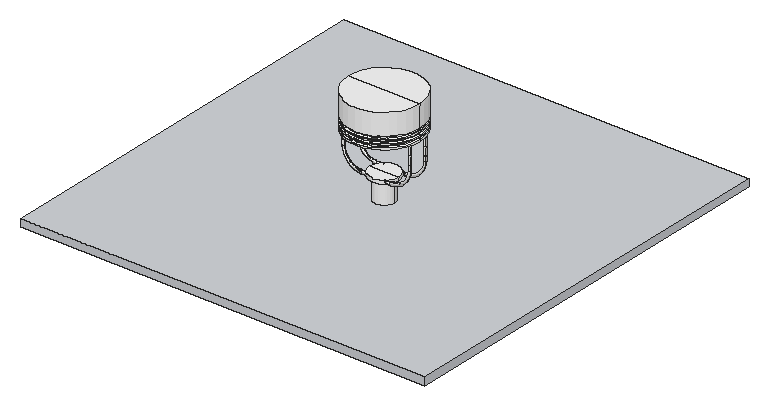
Revit family "CC_FM", category Lighting Fixtures, host Face, Revit 2021
Family settings
  Host = Face
  Round Connector Dimension = Use Diameter
  Part Type = Normal
  OmniClass Number = 23.80.70.11.14.17
  OmniClass Title = Direct/Indirect
  Cut with Voids When Loaded = No
  Light Source = No
  Shared = Yes
  Room Calculation Point = No
Parameters (values of type "CC-FM")
  White = Paint -Matte White
  Watts = 24 W
  Wattage Comments = "24"
  Warranty = "5 years Warranty"  # constant formula
  Voltage = 120 V
  URL = "https://www.currentlighting.com/kimlighting"
  Product Link = ""
  Product Documentation Link = ""
  Power Factor = 1
  Model = "Curvilinear Cutoff"  # constant formula
  Manufacturer = "KIM Lighting"  # constant formula
  Load Classification = Lighting
  Lamp = "LED"
  Housing Material = Paint - Textured Camera Black
  Height = 5"
  Gold = Gold
  Glass = Glass
  Fixture distribution = "Direct"  # constant formula
  Features = "• TIR Optics\r\n• Available in 595nm, 3000K, 4000K and 5000K standard CCT\r\n• Type 1, 2, 3, 4, 4W, 5QM, 5QN, 5R, 5W distributions\r\n• 0 - 10V dimming drivers standard\r\n• IP66 optic assembly"  # constant formula
  Description = "Sharp Cutoff and Visual Uniformity. The classic cylindrical design of the Curvilinear luminaire features a simple geometric shape for architectural relevance and is ideal for retail outlets or automotive dealerships. The luminaire family is designed for performance, providing energy efficiency, and glare control, all manufactured to Kim Lightings high standards for quality."  # constant formula
  Default Elevation = 48"
  Copyright = "© Kim Lighting"  # constant formula
  Contact = ""
  Connector Description = "Lighting Connector"  # constant formula
  Assembly Code = "D5020200"
  Apparent Load = Watts / Power Factor  # 24 VA
Reference planes (in)
  plane 1 "Center (Front/Back)": y = 0
  plane 2: z = 0.5561
  plane 3 "Center (Left/Right)": x = 0
  plane 4: z = 5.5561
Forms (in)
  Extrusion 1, solid
    sketch origin (0, 0, 0) x (1, 0, 0) y (0, 1, 0)
      loop
        line (-48, 48) -> (-48, -48) -> (48, -48) -> (48, 48) -> (-48, 48)
    from 0.5561 to -1.25
  Extrusion 2, solid, material "Paint -Matte White" <- "White"
    sketch origin (0, 0, 0) x (1, 0, 0) y (0, 1, 0)
      loop
        circle (0, 0) r 2.375
    from 0.5561 to 5.5561
Dimensions and locks (in)
  "Height": plane 4 to Extrusion 1
  aligned and locked: plane 2 to Extrusion 1
  aligned and locked: Extrusion 2 to plane 2
  aligned and locked: plane 4 to Extrusion 2
Automatic sketch dimensions
  Extrusion 1 sketch curve to Extrusion 1 sketch curve = 96"  (x2)
  plane 1 "Center (Front/Back)" to Extrusion 2 sketch curve = 0"
  Extrusion 2 sketch curve to plane 3 "Center (Left/Right)" = 0"
  radius of Extrusion 2 sketch curve = 2 3/8"
Nested families (in)
  nested 1: "CC_Arm_Base" at (0, 0, 5.5561), type "LTV767NF/6L3KUV/NB"
Connectors (in)
  electrical at (0, 0, 0.5561), driven by "Voltage", driven by "Apparent Load", driven by "Power Factor", driven by "Connector Description"
    settings: on Extrusion 2, index 1, voltage 120 V, apparent load 24 VA, apparent load phase1 0 VA, apparent load phase2 0 VA, apparent load phase3 0 VA, power factor 1, load classification "Other", number of poles 1, system type 30, power factor state 1, is connector primary yes, connector utility no, sub classification motor no, connector description "Lighting Connector"
Definition of nested family "CC_Arm_Base"
  Parameters
    White Surface = none
    Wattage Comments = "11W"
    Wattage = 28 W
    built-in parameter 1150110 = 1 (stored number, unit not read)
    Voltage = "120 to 277V"
    URL = "https://www.hubbell.com/hubbelllightingci/en/"
    Type Comments = "Lighting Fixture"  # constant formula
    built-in parameter 1114217 = 1 (stored number, unit not read)
    Tilt Angle = 45.00°
    built-in parameter 1150109 = 1 (stored number, unit not read)
    built-in parameter 1150134 = 3
    built-in parameter 1150113 = 1 (stored number, unit not read)
    Specification = "Energy efficient LED models\r\nBrass or aluminum housing for durability\r\nHex cell louver and prismatic spread lens options"  # constant formula
    Series = "In-grade/ Landscape "  # constant formula
    Product Page = "https://www.hubbell.com/hubbelllightingci/en/Products/Lighting-Controls/Commercial-Outdoor-Lighting/In-Grade/In-Grade-Minivault/p/248531"
    Power Factor = 1  # constant formula
    Photometric Web File = "CC17x2-36L-225-3K7-2.ies"
    OmniClass Title = "Buried Uplights"  # constant formula
    OmniClass Number = "23-80 70 14 11 21"  # constant formula
    Number of Poles = 1
    Note Visible = yes
    Note Text = "LF"  # constant formula
    Model = "LTV767NF/6L3KUV/NB"  # constant formula
    Manufacturer = "KIM Lighting"  # constant formula
    built-in parameter 1150105 = 270.05 (stored number, unit not read)
    Lumens = 3393.6 lm
    built-in parameter 1150115 = 1 (stored number, unit not read)
    built-in parameter 1150137 = (empty or 0)
    built-in parameter 1150139 = (empty or 0)
    Lens Ring Material = none
    built-in parameter 1150112 = 1 (stored number, unit not read)
    built-in parameter 1150114 = 1 (stored number, unit not read)
    Lamp = "LED"
    LED = none
    built-in parameter 1150132 = (empty or 0)
    built-in parameter 1150102 = (empty or 0)
    built-in parameter 1150107 = 3200 (stored number, unit not read)
    built-in parameter 1150138 = (empty or 0)
    built-in parameter 1150106 = 2.7005 (stored number, unit not read)
    Emit from Circle Diameter = 15"
    Emit Shape Visible in Rendering = no
    Diameter = 7 1/4"
    Contact us = "https://www.hubbell.com/hubbelllightingci/en/contactUs?productId=248531"
    Composite Housing material = none
    Glass Material = none
    Full Load Current = 11 A
    Frequency = 60 Hz
    Finish = "Cast Bronze, Natural Finish"  # constant formula
    built-in parameter 1150104 = 11.26 (stored number, unit not read)
    Dimming Lamp Color Temperature Shift = (empty or 0)
    Description = "Minivault incorporates more than 50 years of in-grade experience into every luminaire. A commitment to produce the most durable product possible is the core of the series, which now includes new low wattage pulse start metal halide lamps and LEDs expanding into residential applications."  # constant formula
    Default Elevation = 0"
    Color Filter = 16777215
    built-in parameter 1114218 = 1 (stored number, unit not read)
    built-in parameter 1150133 = 10 (stored number, unit not read)
    Assembly Code = "D5020200"
    Apparent Load = 11 VA
  Reference planes (in)
    plane 1 "Center (Front/Back)": y = 0
    plane 2: z = 0
    plane 3 "Center (Left/Right)": x = 0
    plane 4: x = -8.5
    plane 5: x = 8.5
    plane 6: y = 8.5
    plane 7: y = -8.5
    plane 8: z = 21.88
  Forms (in)
    Extrusion 1, solid
      sketch origin (0, 0, 0) x (1, 0, 0) y (0, 1, 0)
        loop
          line (-48, 48) -> (-48, -48) -> (48, -48) -> (48, 48) -> (-48, 48)
      from 0 to -1.39695
    Revolve 2, solid, material <- "White Surface"
      sketch origin (0, 0, 18.09357) x (1, 0, 0) y (0, 0, 1)
        loop
          line (7.87949, -8) -> (8.5, -8) -> (8.5, -7.625) -> (8.12949, -7.41108) -> (8.12949, -7.15142) -> (8.5, -6.9375) -> (8.5, -6.6875) -> (8.12949, -6.47358) -> (8.12949, -6.21392) -> (8.5, -6) -> (8.5, -5.75) -> (8.12949, -5.53608) -> (8.12949, -5.27642) -> (8.5, -5.0625) -> (8.5, 0) -> (0, 0) -> (0, -7.41108) -> (7.87949, -7.41108) -> (7.87949, -8)
        axis (0, -8) -> (0, 0)
      angle from 0 to 360
    Extrusion 3, solid, material <- "LED"
      sketch origin (0, 0, 18.09357) x (0, -1, 0) y (1, 0, 0)
        loop
          circle (-0.60445, 0) r 0.16569
        loop
          circle (0, 0.60445) r 0.16569
        loop
          circle (0.60445, 0) r 0.16569
        loop
          circle (0, -0.60445) r 0.16569
        loop
          circle (-1.35445, 0) r 0.16569
        loop
          circle (-2.10445, 0) r 0.16569
        loop
          circle (-2.85445, 0) r 0.16569
        loop
          circle (-3.60445, 0) r 0.16569
        loop
          circle (-0.95774, 0.95774) r 0.16569
        loop
          circle (0, 1.35445) r 0.16569
        loop
          circle (0.95774, 0.95774) r 0.16569
        loop
          circle (1.35445, 0) r 0.16569
        loop
          circle (0.95774, -0.95774) r 0.16569
        loop
          circle (0, -1.35445) r 0.16569
        loop
          circle (-0.95774, -0.95774) r 0.16569
        loop
          circle (-1.48807, 1.48807) r 0.16569
        loop
          circle (0, 2.10445) r 0.16569
        loop
          circle (1.48807, 1.48807) r 0.16569
        loop
          circle (2.10445, 0) r 0.16569
        loop
          circle (1.48807, -1.48807) r 0.16569
        loop
          circle (0, -2.10445) r 0.16569
        loop
          circle (-1.48807, -1.48807) r 0.16569
        loop
          circle (-2.0184, 2.0184) r 0.16569
        loop
          circle (-2.54873, 2.54873) r 0.16569
        loop
          circle (0, 2.85445) r 0.16569
        loop
          circle (0, 3.60445) r 0.16569
        loop
          circle (2.0184, 2.0184) r 0.16569
        loop
          circle (2.54873, 2.54873) r 0.16569
        loop
          circle (2.85445, 0) r 0.16569
        loop
          circle (3.60445, 0) r 0.16569
        loop
          circle (2.0184, -2.0184) r 0.16569
        loop
          circle (2.54873, -2.54873) r 0.16569
        loop
          circle (0, -2.85445) r 0.16569
        loop
          circle (0, -3.60445) r 0.16569
        loop
          circle (-2.0184, -2.0184) r 0.16569
        loop
          circle (-2.54873, -2.54873) r 0.16569
      from -7.87223 to -7.625
    Extrusion 4, solid, material <- "Glass Material"
      sketch origin (0, 0, 18.09357) x (0, -1, 0) y (1, 0, 0)
        loop
          circle (0, 0) r 7.87949
      from -8 to -7.87223
    Revolve 5, solid, material <- "White Surface"
      sketch origin (0, 0, -3.75) x (1, 0, 0) y (0, 0, 1)
        loop
          line (0, 3.75) -> (3.375, 3.75) -> (3.375, 4.5) -> (0, 4.5) -> (0, 3.75)
        axis (0, 4.5) -> (0, 3.75)
      angle from 0 to 360
    Sweep 6, solid, material <- "White Surface"
      path origin (0, 0, -3.75) x (1, 0, 0) y (0, 0, 1)
        loop
          line (7.87949, 13.84357) -> (7.87949, 11.84357) -> (7.87949, 9.84357) -> (7.87949, 8.62757)
          arc (7.87949, 8.62757) -> (6.56147, 5.44559) -> (3.37949, 4.12757) r 4.5
          line (3.37949, 4.12757) -> (1.97885, 4.12757)
      profile origin (7.87949, 0, 9.09357) x (0, -1, 0) y (1, 0, 0)
        loop
          circle (2.25, 0) r 0.25
    Sweep 7, solid, material <- "White Surface"
      path origin (0, 0, -3.75) x (1, 0, 0) y (0, 0, -1)
        loop
          line (7.87949, -13.84357) -> (7.87949, -11.84357) -> (7.87949, -9.84357) -> (7.87949, -8.62757)
          arc (7.87949, -8.62757) -> (6.56147, -5.44559) -> (3.37949, -4.12757) r 4.5
          line (3.37949, -4.12757) -> (1.97885, -4.12757)
      profile origin (7.87949, 0, 9.09357) x (0, 1, 0) y (-1, 0, 0)
        loop
          circle (2.25, 0) r 0.25
    Sweep 8, solid, material <- "White Surface"
      path origin (0, 0, -3.75) x (-1, 0, 0) y (0, 0, 1)
        loop
          line (7.87949, 13.84357) -> (7.87949, 11.84357) -> (7.87949, 9.84357) -> (7.87949, 8.62757)
          arc (7.87949, 8.62757) -> (6.56147, 5.44559) -> (3.37949, 4.12757) r 4.5
          line (3.37949, 4.12757) -> (1.97885, 4.12757)
      profile origin (-7.87949, 0, 9.09357) x (0, -1, 0) y (1, 0, 0)
        loop
          circle (2.25, 0) r 0.25
    Sweep 9, solid, material <- "White Surface"
      path origin (0, 0, -3.75) x (-1, 0, 0) y (0, 0, 1)
        loop
          line (7.87949, 13.84357) -> (7.87949, 11.84357) -> (7.87949, 9.84357) -> (7.87949, 8.62757)
          arc (7.87949, 8.62757) -> (6.56147, 5.44559) -> (3.37949, 4.12757) r 4.5
          line (3.37949, 4.12757) -> (1.97885, 4.12757)
      profile origin (-7.87949, 0, 9.09357) x (0, 1, 0) y (-1, 0, 0)
        loop
          circle (2.25, 0) r 0.25
  Dimensions and locks (in)
    plane 8 to Extrusion 1 = 21.88"
    aligned and locked: plane 2 to Extrusion 1
    aligned and locked: level to Extrusion 1
